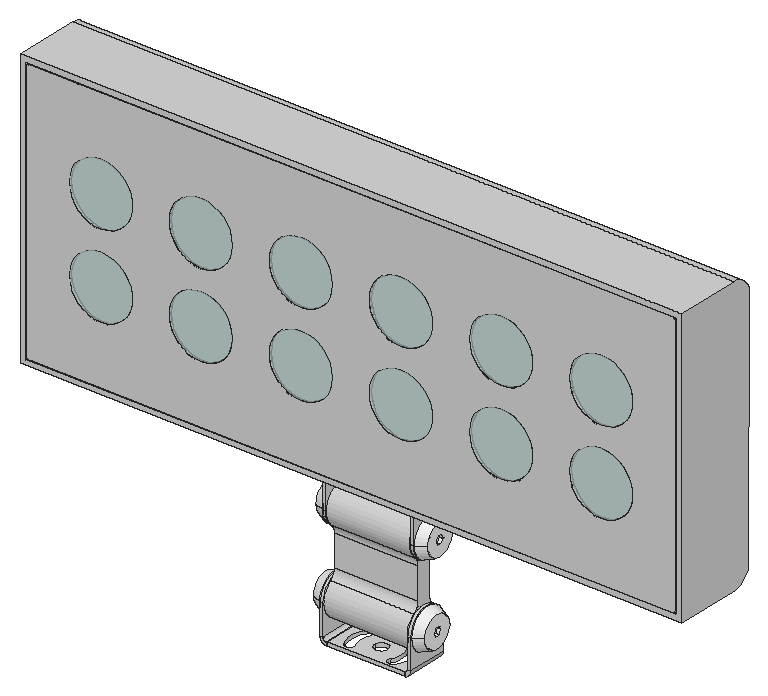
Revit family "Duomo 4.0", category Lighting Fixtures, Revit 2020
Family settings
  Round Connector Dimension = Use Diameter
  Part Type = Normal
  OmniClass Number = 23.80.70.00
  OmniClass Title = Lighting
  Work Plane-Based = No
  Always vertical = No
  Cut with Voids When Loaded = No
  Light Source = No
  Shared = No
  Room Calculation Point = Yes
Parameters (values of type "DUOMO 4.0 J 43° (3000K 56W 230Vac)")
  Wiring = "parallel"
  Width mm = 50 mm
  Weight kg = "4.50 kg"
  Vertical rotation max = 220.00°
  Vertical Rotation Structure max [instance] = 280.00°
  Vertical Rotation Structure Adjusted [instance] = if(Vertical Rotation Structure 2 < Vertical Rotation Structure min, Vertical Rotation Structure min, if(Vertical Rotation Structure 2 > Vertical Rotation Structure max, Vertical Rotation Structure max, Vertical Rotation Structure 2))  # 180.00°
  Vertical Rotation Structure 2 [instance] = Vertical Rotation Structure + 180.00°  # 180.00°
  Vertical Rotation Structure min [instance] = 60.00°
  Vertical Rotation Body min [instance] = 60.00°
  Vertical Rotation Body max [instance] = 280.00°
  Vertical Rotation Body Adjusted [instance] = if(Vertical Rotation Body 2 < Vertical Rotation Body min, Vertical Rotation Body min, if(Vertical Rotation Body 2 > Vertical Rotation Body max, Vertical Rotation Body max, Vertical Rotation Body 2))  # 180.00°
  Vertical Rotation Body 2 [instance] = Vertical Rotation Body + 180.00°  # 180.00°
  Vertical Rotation Body [instance] = 0.00°
  URL Accessories and power supply units = "https://www.lucelight.it/en/prodotto.php/130867#a-scheda-accessori"
  URL = "https://www.lucelight.it/en/prodotto.php/130867"
  URL Technical sheet = "-"
  URL Image = "https://www.lucelight.it/en/prodotto-foto.php/130867"
  URL IES Photometric file = "https://www.lucelight.it/media/prodotti/fotometrie/duomo_4.0_ies.zip"
  URL General code = "https://www.lucelight.it/en/prodotto.php/130867#a-generacodice"
  URL Description = "https://www.lucelight.it/it/prodotto.php/130867"
  URL DXF = "https://www.lucelight.it/media/prodotti/dxf/duomo_4.0.dxf"
  URL Catalogue = "-"
  Screw = L&L_Steel inox AISI 316L
  Power supply unit = "built-in"
  Power supply = "230Vac\r\n230Vac"
  Power cables = "-"
  Light Source = Light Source_40 : J 43°
  Connector = L&L_Plastic
  Power = "56W"
  Optics = "43°"
  No. and type of led = "12 power LEDs High Intensity, 3-step MacAdam, 50 000h L90 B10 (Ta 25°C)"
  Model = "Duomo 4.0"
  Manufacturer = "L&L Luce&Light"
  Notes = "available on request with adapter for Eurostandard track and in 1–10V or PUSH version, or with Bluetooth control"
  Mounting = "surface mounted (ceiling, wall, floor)"
  Material = "body and arm in Anticorodal aluminium,  screen in serigraphed, tempered, extra-clear glass"
  Lumen output at source = "4886 lm (3000K, CRI 90), 5280 lm (3000K, CRI 80)"
  Description = "Projector for indoor applications"
  Default Elevation = 0 mm
  Body = L&L_Anticorodal aluminium
  Base = L&L_Anticorodal aluminium
  Lens = L&L_Tempered extra-clear glass
  Length mm = 396 mm
  LED Colour = "3000K (also available: 2700K and 4000K - ref. URL Technical sheet)"
  IP = "IP54"
  Height mm = 166 mm
  Vertical Rotation Structure [instance] = 0.00°
  Features = "electrical wiring simplified by the ability to connect the electrical cables directly to the connector"
  Energy efficiency class = "A A+ A++"
  Delivered lumen output = "3964 lm (3000K, 30°, CRI 90), 4284 lm (3000K, 30°, CRI 80)"
  Cutout dimensions = "-"
  Control system = "DALI, ON/OFF"
  Contact = "T: +39 0444 360571; E: lucelight@lucelight.it"
  Company = "L&L Luce&Light"
  Code = "-"
  CRI = ">90 (also available: CRI 80 - ref. URL Technical sheet)"
  Apparent Load Phase 1 = 56 W
Types (8, lengths in mm): name | Light Source | Optics
  DUOMO 4.0 J 43° (3000K 56W 230Vac) | Light Source_40 : J 43° | "43°"
  DUOMO 4.0 K 63° (3000K 56W 230Vac) | Light Source_40 : K 63° | "63°"
  DUOMO 4.0 L 35° (3000K 56W 230Vac) | Light Source_40 : L 35° | "35°"
  DUOMO 4.0 M 30° (3000K 56W 230Vac) | Light Source_40 : M 30° | "30°"
  DUOMO 4.0 S 14° (3000K 56W 230Vac) | Light Source_40 : S 14° | "14°"
  DUOMO 4.0 T 10° (3000K 56W 230Vac) | Light Source_40 : T 10° | "10°"
  DUOMO 4.0 W 18°x44° (3000K 56W 230Vac) | Light Source_40 : W 18°x44° | "18°x44°"
  DUOMO 4.0 X 44°x18° (3000K 56W 230Vac) | Light Source_40 : X 44°x18° | "44°x18°"
Reference planes
  plane 1 "Light Source Axis (F/B)": y = 0
  plane 2: z = 0
  plane 3 "Light Source Axis (L/R)": x = 0
  plane 4 "Light Source Elevation": z = 420
Lines and regions (mm)
  reference lines
    curve 1: line (0, 0, 22) -> (0, 0, -55)
    curve 2: line (0, 0, 22) -> (0, 0, 82)
Dimensions and locks
  level to plane 4 "Light Source Elevation" = 420 mm
  locked: curve 1 to level (angle 90.00°)
  "Vertical Rotation Structure Adjusted": angle curve 1 to curve 2
  aligned and locked: level to plane 2
  aligned and locked: curve 1 to plane 1 "Light Source Axis (F/B)"
Automatic sketch dimensions
  level to curve 2 = 22 mm
Nested families
  nested 1: "Bracket" at (0, 0, 0), Vertical Rotation <- "Vertical Rotation Structure Adjusted", Base Braket <- "Base", Screw <- "Screw", type "Bracket"
    with Vertical Rotation 180.00°, Screw L&L_Steel inox AISI 316L, Base Braket L&L_Anticorodal aluminium
  nested 2: "Duomo 40_Body" at (1.486, 0, 72), Vertical Rotation <- "Vertical Rotation Body Adjusted", Base Braket <- "Base", Body <- "Body", Connector <- "Connector", Lens <- "Lens", Screw <- "Screw", type "Duomo 40_Body"
    with Vertical Rotation 180.00°, Screw L&L_Steel inox AISI 316L, Lens L&L_Tempered extra-clear glass, Connector L&L_Plastic, Body L&L_Anticorodal aluminium, Base Braket L&L_Anticorodal aluminium
  nested 3: "Light Source_40" at (-0.696, -21.5, 176.308) x (-1, 0, 0) z (0, -1, 0), type <- "Light Source", type "J 43°"
Connectors
  electrical at (0, 0, 0)
    settings: index 1, voltage 0 V, apparent load 0 VA, apparent load phase1 0 VA, apparent load phase2 0 VA, apparent load phase3 0 VA, power factor 1, load classification "Other", number of poles 1, system type 31, power factor state 1, is connector primary yes, connector utility no, sub classification motor no, connector description ""
Definition of nested family "Bracket"
  Parameters (values of type "Bracket")
    Width = 24 mm
    Vertical Rotation [instance] = 180.00°
    Screw [instance] = none
    Length = 66.8 mm
    Default Elevation = 0 mm
    Base Braket [instance] = none
  Reference planes
    plane 1 "Light Source Axis (F/B)": y = 0
    plane 2: z = 0
    plane 3 "Light Source Axis (L/R)": x = 0
    plane 4 "Light Source Elevation": z = 475
    plane 5: x = -33.4
    plane 6: x = 33.4
    plane 7: y = 12
    plane 8: y = -12
  Forms (mm)
    Extrusion 1, solid, material <- "Base Braket"
      sketch origin (0, 0, 0) x (1, 0, 0) y (0, 0, 1)
        loop
          arc (-27.4, 4) -> (-26.228, 1.172) -> (-23.4, 0) r 4
          line (-23.4, 0) -> (-23.4, 2)
          arc (-23.4, 2) -> (-24.814, 2.586) -> (-25.4, 4) r 2
          line (-25.4, 4) -> (-27.4, 4)
        loop
          arc (23.4, 0) -> (26.228, 1.172) -> (27.4, 4) r 4
          line (27.4, 4) -> (25.4, 4)
          arc (25.4, 4) -> (24.814, 2.586) -> (23.4, 2) r 2
          line (23.4, 2) -> (23.4, 0)
      from -12 to 12
    Extrusion 2, solid, material <- "Base Braket", detail levels coarse+medium
      sketch origin (0, 0, 0) x (1, 0, 0) y (0, 1, 0)
        loop
          line (-23.4, 12) -> (-23.4, -12) -> (23.4, -12) -> (23.4, 12) -> (-23.4, 12)
      from 0 to 2
    Extrusion 3, solid, material <- "Base Braket", detail levels fine
      sketch origin (0, 0, 0) x (1, 0, 0) y (0, 1, 0)
        loop
          line (-23.4, 12) -> (-23.4, -12) -> (23.4, -12) -> (23.4, 12) -> (-23.4, 12)
        loop
          circle (0, 0) r 4
        loop
          arc (-10.442, 5.913) -> (-11.574, 10.002) -> (-15.663, 8.87) r 3
          arc (-15.663, 8.87) -> (-18, 0) -> (-15.663, -8.87) r 18
          arc (-15.663, -8.87) -> (-11.574, -10.002) -> (-10.442, -5.913) r 3
          arc (-10.442, -5.913) -> (-12, 0) -> (-10.442, 5.913) r 12
        loop
          arc (10.442, 5.913) -> (12, 0) -> (10.442, -5.913) r 12
          arc (10.442, -5.913) -> (11.574, -10.002) -> (15.663, -8.87) r 3
          arc (15.663, -8.87) -> (18, 0) -> (15.663, 8.87) r 18
          arc (15.663, 8.87) -> (11.574, 10.002) -> (10.442, 5.913) r 3
      from 0 to 2
    Extrusion 4, solid, material <- "Base Braket"
      sketch origin (0, 0, 0) x (0, 1, 0) y (0, 0, 1)
        loop
          line (12, 4) -> (12, 22)
          arc (12, 22) -> (0, 34) -> (-12, 22) r 12
          line (-12, 22) -> (-12, 4) -> (12, 4)
      from -27.4 to -25.4
    Extrusion 5, solid, material <- "Base Braket"
      sketch origin (31.914, 0, 0) x (0, 1, 0) y (0, 0, 1)
        loop
          line (12, 4) -> (12, 22)
          arc (12, 22) -> (0, 34) -> (-12, 22) r 12
          line (-12, 22) -> (-12, 4) -> (12, 4)
      from -6.514 to -4.514
    Blend 6, solid, material <- "Screw", detail levels fine
      base sketch origin (0, 0, 0) x (0, 1, 0) y (0, 0, 1)
        loop
          circle (0, 22) r 12
      top sketch origin (0, 0, 0) x (0, 1, 0) y (0, 0, 1)
        loop
          circle (0, 22) r 9.138
      from 27.4 to 33.4
    Blend 7, solid, material <- "Screw", detail levels fine
      base sketch origin (0, 0, 0) x (0, 1, 0) y (0, 0, -1)
        loop
          circle (0, -22) r 12
      top sketch origin (0, 0, 0) x (0, 1, 0) y (0, 0, -1)
        loop
          circle (0, -22) r 9.138
      from 27.4 to 33.4
    Extrusion 8, solid, material <- "Screw", detail levels medium
      sketch origin (0, 0, 0) x (0, 1, 0) y (0, 0, 1)
        loop
          circle (0, 22) r 12
      from -33.4 to -27.4
    Extrusion 9, solid, material <- "Screw", detail levels medium
      sketch origin (0, 0, 0) x (0, 1, 0) y (0, 0, -1)
        loop
          circle (0, -22) r 12
      from -33.4 to -27.4
    Extrusion 10, void
      sketch origin (0, 0, 0) x (0, 1, 0) y (0, 0, 1)
        loop
          line (-1.844, 24.221) -> (-2.845, 21.513) -> (-1.001, 19.292) -> (1.844, 19.779) -> (2.845, 22.487) -> (1.001, 24.708) -> (-1.844, 24.221)
      from -46.814 to -30.9
    Extrusion 11, void
      sketch origin (0, 0, 0) x (0, 1, 0) y (0, 0, -1)
        loop
          line (-1.844, -24.221) -> (1.001, -24.708) -> (2.845, -22.487) -> (1.844, -19.779) -> (-1.001, -19.292) -> (-2.845, -21.513) -> (-1.844, -24.221)
      from -46.814 to -30.9
    Extrusion 12, solid, material <- "Base Braket"
      sketch origin (0, 0, 22) x (0, 0, 1) y (0, -1, 0)
        loop
          arc (9.784, 6.947) -> (-12, 0) -> (9.784, -6.947) r 12
          arc (9.784, -6.947) -> (12.28, -4.78) -> (15.492, -4) r 7
          line (15.492, -4) -> (34.508, -4)
          arc (34.508, -4) -> (37.72, -4.78) -> (40.216, -6.947) r 7
          arc (40.216, -6.947) -> (38, 0) -> (40.216, 6.947) r 12
          arc (40.216, 6.947) -> (37.72, 4.78) -> (34.508, 4) r 7
          line (34.508, 4) -> (15.492, 4)
          arc (15.492, 4) -> (12.28, 4.78) -> (9.784, 6.947) r 7
      from -24.9 to 25.1
  Cuts and joins
    Extrusion 10 cuts Blend 7
    Extrusion 11 cuts Blend 6
  Lines and regions (mm)
    reference lines
      curve 1: line (0, 0, 0) -> (0, 0, 22)
      curve 2: line (0, 0, 22) -> (0, 0, 84.907)
  Dimensions and locks
    equal spacing: plane 5, plane 3 "Light Source Axis (L/R)", plane 6
    "Length": plane 5 to plane 6
    level to plane 4 "Light Source Elevation" = 475 mm
    equal spacing: plane 7, plane 1 "Light Source Axis (F/B)", plane 8
    "Width": plane 7 to plane 8
    locked: curve 1 to level (angle 90.00°)
    "Vertical Rotation": angle curve 1 to curve 2
    aligned and locked: level to plane 2
    aligned and locked: plane 7 to Extrusion 1
    aligned and locked: Extrusion 1 to plane 8
    aligned and locked: Extrusion 2 sketch curve to Extrusion 1  (x4)
  Automatic sketch dimensions
    Extrusion 1 sketch curve to level = 0 mm  (x2)
    Extrusion 1 sketch curve to Extrusion 1 sketch curve = 2 mm  (x4)
    Extrusion 3 sketch curve to Extrusion 3 sketch curve = 0 mm  (x13)
    Extrusion 3 sketch curve to plane 8 = 0 mm
    Extrusion 3 sketch curve to plane 7 = 0 mm
    plane 1 "Light Source Axis (F/B)" to Extrusion 3 sketch curve = 0 mm
    Extrusion 3 sketch curve to plane 3 "Light Source Axis (L/R)" = 0 mm
    plane 8 to Extrusion 3 sketch curve = 4.609 mm  (x2)
    Extrusion 3 sketch curve to plane 3 "Light Source Axis (L/R)" = 13.052 mm  (x2)
    Extrusion 3 sketch curve to plane 7 = 4.609 mm  (x2)
    plane 3 "Light Source Axis (L/R)" to Extrusion 3 sketch curve = 13.052 mm  (x2)
    Extrusion 3 sketch curve to Extrusion 3 sketch curve = 2.61 mm  (x7)
    Extrusion 4 sketch curve to plane 8 = 0 mm
    Extrusion 4 sketch curve to plane 1 "Light Source Axis (F/B)" = 0 mm
    level to Extrusion 4 sketch curve = 4 mm
    Extrusion 4 sketch curve to Extrusion 4 sketch curve = 18 mm
    Extrusion 4 sketch curve to Extrusion 4 sketch curve = 0 mm
    Extrusion 5 sketch curve to plane 8 = 0 mm
    Extrusion 5 sketch curve to plane 1 "Light Source Axis (F/B)" = 0 mm
    level to Extrusion 5 sketch curve = 4 mm
    Extrusion 5 sketch curve to Extrusion 5 sketch curve = 18 mm
    Extrusion 5 sketch curve to Extrusion 5 sketch curve = 0 mm
    Blend 6 sketch curve to plane 1 "Light Source Axis (F/B)" = 0 mm  (x2)
    level to Blend 6 sketch curve = 22 mm  (x2)
    Blend 7 sketch curve to plane 1 "Light Source Axis (F/B)" = 0 mm  (x2)
    level to Blend 7 sketch curve = 22 mm  (x2)
    Extrusion 8 sketch curve to plane 1 "Light Source Axis (F/B)" = 0 mm
    level to Extrusion 8 sketch curve = 22 mm
    Extrusion 9 sketch curve to plane 1 "Light Source Axis (F/B)" = 0 mm
    level to Extrusion 9 sketch curve = 22 mm
    plane 1 "Light Source Axis (F/B)" to Extrusion 10 sketch curve = 2.845 mm
    plane 1 "Light Source Axis (F/B)" to Extrusion 10 sketch curve = 1.844 mm
    plane 1 "Light Source Axis (F/B)" to Extrusion 10 sketch curve = 1.001 mm
    Extrusion 10 sketch curve to plane 1 "Light Source Axis (F/B)" = 1.001 mm
    Extrusion 10 sketch curve to plane 1 "Light Source Axis (F/B)" = 1.844 mm
    Extrusion 10 sketch curve to plane 1 "Light Source Axis (F/B)" = 2.845 mm
    level to Extrusion 10 sketch curve = 19.292 mm
    Extrusion 10 sketch curve to Extrusion 10 sketch curve = 0.487 mm
    Extrusion 10 sketch curve to Extrusion 10 sketch curve = 2.221 mm  (x2)
    Extrusion 10 sketch curve to Extrusion 10 sketch curve = 2.708 mm  (x2)
    plane 1 "Light Source Axis (F/B)" to Extrusion 11 sketch curve = 2.845 mm
    plane 1 "Light Source Axis (F/B)" to Extrusion 11 sketch curve = 1.844 mm
    plane 1 "Light Source Axis (F/B)" to Extrusion 11 sketch curve = 1.001 mm
    Extrusion 11 sketch curve to plane 1 "Light Source Axis (F/B)" = 1.001 mm
    Extrusion 11 sketch curve to plane 1 "Light Source Axis (F/B)" = 1.844 mm
    Extrusion 11 sketch curve to plane 1 "Light Source Axis (F/B)" = 2.845 mm
    level to Extrusion 11 sketch curve = 24.708 mm
    Extrusion 11 sketch curve to Extrusion 11 sketch curve = 0.487 mm
    Extrusion 11 sketch curve to Extrusion 11 sketch curve = 2.221 mm  (x2)
    Extrusion 11 sketch curve to Extrusion 11 sketch curve = 2.708 mm  (x2)
    Extrusion 1 sketch curve to plane 6 = 10 mm
    Extrusion 3 sketch curve to Extrusion 3 sketch curve = 7.737 mm  (x2)
    Extrusion 1 sketch curve to Extrusion 1 sketch curve = 0 mm
    plane 5 to Extrusion 1 sketch curve = 10 mm
    Extrusion 12 sketch curve to curve 2 = 0 mm  (x3)
    Extrusion 12 sketch curve to curve 2 = 11 mm
    Extrusion 12 sketch curve to curve 2 = 28.399 mm
    Extrusion 12 sketch curve to curve 2 = 4 mm
    Extrusion 12 sketch curve to Extrusion 12 sketch curve = 5.708 mm  (x4)
    Extrusion 12 sketch curve to Extrusion 12 sketch curve = 0 mm  (x6)
    curve 2 to Extrusion 12 sketch curve = 4 mm
    Extrusion 12 sketch curve to Extrusion 12 sketch curve = 7 mm
    Extrusion 12 sketch curve to Extrusion 12 sketch curve = 9.784 mm
    Extrusion 12 sketch curve to curve 2 = 6.947 mm
    curve 1 to plane 1 "Light Source Axis (F/B)" = 0 mm
    curve 1 to level = 0 mm
    radius of Extrusion 3 sketch curve = 4 mm
    radius of Blend 6 sketch curve = 12 mm
    radius of Blend 6 sketch curve = 9.138 mm
    radius of Blend 7 sketch curve = 12 mm
    radius of Blend 7 sketch curve = 9.138 mm
    radius of Extrusion 8 sketch curve = 12 mm
    radius of Extrusion 9 sketch curve = 12 mm
Definition of nested family "Duomo 40_Body"
  Parameters (values of type "Duomo 40_Body")
    Width = 24 mm
    Vertical Rotation [instance] = 180.00°
    Screw [instance] = none
    Lens [instance] = none
    Length = 66.8 mm
    Default Elevation = 1219.2 mm
    Connector [instance] = none
    Body [instance] = none
    Base Braket [instance] = none
  Reference planes
    plane 1 "Light Source Axis (F/B)": y = 0
    plane 2: z = 0
    plane 3 "Light Source Axis (L/R)": x = 0
    plane 4 "Light Source Elevation": z = 475
    plane 5: x = -33.4
    plane 6: x = 33.4
    plane 7: y = 12
    plane 8: y = -12
  Lines and regions (mm)
    reference lines
      curve 1: line (0, 0, -78.016) -> (0, 0, 0)
      curve 2: line (0, 0, 0) -> (0, 0, 73.234)
  Dimensions and locks
    equal spacing: plane 5, plane 3 "Light Source Axis (L/R)", plane 6
    "Length": plane 5 to plane 6
    level to plane 4 "Light Source Elevation" = 475 mm
    equal spacing: plane 7, plane 1 "Light Source Axis (F/B)", plane 8
    "Width": plane 7 to plane 8
    locked: curve 1 to level (angle 90.00°)
    "Vertical Rotation": angle curve 1 to curve 2
    aligned and locked: level to plane 2
    aligned and locked: level to curve 1
    aligned and locked: curve 1 to curve 2
  Automatic sketch dimensions
    curve 1 to plane 1 "Light Source Axis (F/B)" = 0 mm
    curve 2 to level = 0 mm
  Nested families
    nested 1: "Body" at (0.6, 0, 0), Body <- "Body", Connector <- "Connector", Lens <- "Lens", Screw <- "Screw", type "Body"
      with Screw none, Lens none, Connector none, Body none
    nested 2: "Hinge" at (0, 0, 0) x (-1, 0, 0) z (0, 0, 1), Base Braket <- "Base Braket", Screw <- "Screw", type "Hinge"
      with Vertical Rotation 180.00°, Base Braket none
  Definition of nested family "Body"
    Parameters (values of type "Body")
      Width = 24 mm
      Screw [instance] = none
      Length = 66.8 mm
      Lens [instance] = none
      Default Elevation = 1219.2 mm
      Connector [instance] = none
      Body [instance] = none
    Reference planes
      plane 1 "Light Source Axis (F/B)": y = 0
      plane 2: z = 0
      plane 3 "Light Source Axis (L/R)": x = 0
      plane 4 "Light Source Elevation": z = 475
      plane 5: x = -33.4
      plane 6: x = 33.4
      plane 7: y = 12
      plane 8: y = -12
    Forms (mm)
      Extrusion 1, solid, material <- "Body", detail levels coarse
        sketch origin (0, 0, 0) x (0, 0, 1) y (0, -1, 0)
          loop
            line (188.2, -18.033) -> (188.2, 21.5) -> (22, 21.5) -> (22, -18.033)
            arc (22, -18.033) -> (24.224, -24.53) -> (29.963, -28.3) r 10.6
            line (29.963, -28.3) -> (180.237, -28.3)
            arc (180.237, -28.3) -> (185.976, -24.53) -> (188.2, -18.033) r 10.6
        from -201.734 to 195.466
      Extrusion 2, solid, material <- "Lens", detail levels medium+fine
        sketch origin (-153.063, 0, 0) x (0, 0, 1) y (1, 0, 0)
          loop
            circle (130.075, 0) r 19.016
          loop
            circle (79.956, 0) r 19.016
        from -21.5 to -20.5
      Extrusion 3, solid, material <- "Body", detail levels medium+fine
        sketch origin (0, 0, 0) x (0, 0, 1) y (0, -1, 0)
          loop
            line (188.2, -18.033) -> (188.2, 21.5) -> (22, 21.5) -> (22, -18.033)
            arc (22, -18.033) -> (24.224, -24.53) -> (29.963, -28.3) r 10.6
            line (29.963, -28.3) -> (180.237, -28.3)
            arc (180.237, -28.3) -> (185.976, -24.53) -> (188.2, -18.033) r 10.6
        from -201.734 to 195.466
      Extrusion 4, void
        sketch origin (0, 0, 0) x (0, 0, 1) y (1, 0, 0)
          loop
            line (185.1, -198.634) -> (185.1, 192.366) -> (25.1, 192.366) -> (25.1, -198.634) -> (185.1, -198.634)
        from -160.769 to 12
      Extrusion 5, solid, material <- "Body", detail levels medium+fine
        sketch origin (0, 0, 0) x (0, 0, 1) y (1, 0, 0)
          loop
            line (184.6, -196.134) -> (184.6, 189.866)
            arc (184.6, 189.866) -> (184.014, 191.28) -> (182.6, 191.866) r 2
            line (182.6, 191.866) -> (27.6, 191.866)
            arc (27.6, 191.866) -> (26.186, 191.28) -> (25.6, 189.866) r 2
            line (25.6, 189.866) -> (25.6, -196.134)
            arc (25.6, -196.134) -> (26.186, -197.549) -> (27.6, -198.134) r 2
            line (27.6, -198.134) -> (182.6, -198.134)
            arc (182.6, -198.134) -> (184.014, -197.549) -> (184.6, -196.134) r 2
          loop
            circle (130.075, -153.063) r 19.016
          loop
            circle (79.956, -153.063) r 19.016
          loop
            circle (130.075, -93.165) r 19.016
          loop
            circle (79.956, -93.165) r 19.016
          loop
            circle (79.956, -33.088) r 19.016
          loop
            circle (130.075, -33.088) r 19.016
          loop
            circle (130.075, 26.99) r 19.016
          loop
            circle (79.956, 26.99) r 19.016
          loop
            circle (79.956, 87.067) r 19.016
          loop
            circle (130.075, 87.067) r 19.016
          loop
            circle (130.075, 147.144) r 19.016
          loop
            circle (79.956, 147.144) r 19.016
        from -21.5 to -20.5
      Extrusion 6, solid, material <- "Screw", detail levels medium+fine
        sketch origin (0, 0, 0) x (1, 0, 0) y (0, 1, 0)
          loop
            circle (-13.6, 0) r 6
        from 19 to 20
      Extrusion 7, solid, material <- "Screw", detail levels fine
        sketch origin (-0.123, 2.332, 0) x (0.985191, 0.171462, 0) y (-0.171462, 0.985191, 0)
          loop
            line (-8.726, 2.73) -> (-13.722, 5.614) -> (-18.719, 2.73) -> (-18.719, -3.039) -> (-13.722, -5.924) -> (-8.726, -3.039) -> (-8.726, 2.73)
        from 15 to 19
      Extrusion 8, solid, material <- "Screw", detail levels medium+fine
        sketch origin (25, 0, 0) x (1, 0, 0) y (0, 1, 0)
          loop
            circle (-13.6, 0) r 6
        from 19 to 20
      Extrusion 9, solid, material <- "Screw", detail levels fine
        sketch origin (24.877, 2.332, 0) x (0.985191, 0.171462, 0) y (-0.171462, 0.985191, 0)
          loop
            line (-8.726, 2.73) -> (-13.722, 5.614) -> (-18.719, 2.73) -> (-18.719, -3.039) -> (-13.722, -5.924) -> (-8.726, -3.039) -> (-8.726, 2.73)
        from 15 to 19
      Extrusion 10, solid, material <- "Lens", detail levels medium+fine
        sketch origin (-93.165, 0, 0) x (0, 0, 1) y (1, 0, 0)
          loop
            circle (130.075, 0) r 19.016
          loop
            circle (79.956, 0) r 19.016
        from -21.5 to -20.5
      Extrusion 11, solid, material <- "Lens", detail levels medium+fine
        sketch origin (-33.088, 0, 0) x (0, 0, 1) y (1, 0, 0)
          loop
            circle (130.075, 0) r 19.016
          loop
            circle (79.956, 0) r 19.016
        from -21.5 to -20.5
      Extrusion 12, solid, material <- "Lens", detail levels medium+fine
        sketch origin (26.99, 0, 0) x (0, 0, 1) y (1, 0, 0)
          loop
            circle (130.075, 0) r 19.016
          loop
            circle (79.956, 0) r 19.016
        from -21.5 to -20.5
      Extrusion 13, solid, material <- "Lens", detail levels medium+fine
        sketch origin (87.067, 0, 0) x (0, 0, 1) y (1, 0, 0)
          loop
            circle (130.075, 0) r 19.016
          loop
            circle (79.956, 0) r 19.016
        from -21.5 to -20.5
      Extrusion 14, solid, material <- "Lens", detail levels medium+fine
        sketch origin (147.144, 0, 0) x (0, 0, 1) y (1, 0, 0)
          loop
            circle (130.075, 0) r 19.016
          loop
            circle (79.956, 0) r 19.016
        from -21.5 to -20.5
      Revolve 15, solid, material <- "Connector", detail levels fine
        sketch origin (-50.56, 28.3, 44.906) x (1, 0, 0) y (0, 1, 0)
          loop
            line (-11.264, 24.675) -> (-11.43, 5.675) -> (-12.419, 5.675) -> (-12.419, 4.675) -> (-11.419, 4.675) -> (-11.419, 3.875) -> (-12.219, 3.875) -> (-12.219, 0) -> (0, 0) -> (0, 28.575) -> (-3.669, 28.575) -> (-4.235, 28.009) -> (-4.07, 25.675) -> (-4.919, 25.675) -> (-4.919, 24.894) -> (-7.653, 24.894) -> (-8.424, 24.675) -> (-11.264, 24.675)
          axis (0, 0) -> (0, 28.575)
        angle from 0 to 360
      Extrusion 16, solid, material <- "Connector", detail levels fine
        sketch origin (-50.56, 28.3, 44.906) x (1, 0, 0) y (0, 1, 0)
          loop
            line (0, 25.675) -> (0, 24.675) -> (11.498, 24.675)
            arc (11.498, 24.675) -> (15.336, 24.575) -> (19.164, 24.274) r 73.336
            arc (19.164, 24.274) -> (21.112, 23.77) -> (22.828, 22.718) r 6.808
            arc (22.828, 22.718) -> (24.467, 20.543) -> (24.987, 17.871) r 6.052
            arc (24.987, 17.871) -> (24.69, 15.045) -> (24.002, 12.289) r 20.362
            arc (24.002, 12.289) -> (23.006, 10.292) -> (21.47, 8.672) r 7.551
            arc (21.47, 8.672) -> (19.295, 7.206) -> (16.938, 6.056) r 18.8
            arc (16.938, 6.056) -> (16.327, 5.839) -> (15.699, 5.675) r 7.547
            line (15.699, 5.675) -> (9.749, 5.675) -> (9.749, 4.675) -> (15.802, 4.675)
            arc (15.802, 4.675) -> (16.568, 4.867) -> (17.313, 5.129) r 8.547
            arc (17.313, 5.129) -> (19.795, 6.34) -> (22.086, 7.884) r 19.8
            arc (22.086, 7.884) -> (23.826, 9.718) -> (24.953, 11.98) r 8.551
            arc (24.953, 11.98) -> (25.674, 14.872) -> (25.986, 17.836) r 21.362
            arc (25.986, 17.836) -> (25.381, 20.95) -> (23.471, 23.484) r 7.052
            arc (23.471, 23.484) -> (21.503, 24.69) -> (19.268, 25.268) r 7.808
            arc (19.268, 25.268) -> (15.389, 25.573) -> (11.498, 25.675) r 74.336
            line (11.498, 25.675) -> (0, 25.675)
        from -3.602 to 3.609
      Revolve 17, solid, material <- "Connector", detail levels fine
        sketch origin (44.533, 0, 0) x (0, 0, 1) y (0, -1, 0)
          loop
            line (56.5, -28.3) -> (45, -28.3) -> (45, -54.004) -> (56.5, -54.004) -> (56.5, -37.154) -> (52.491, -37.154) -> (52.491, -36.354) -> (56.5, -36.354) -> (56.5, -28.3)
          axis (45, -28.3) -> (45, -54.004)
        angle from 0 to 360
      Extrusion 18, solid, material <- "Connector", detail levels fine
        sketch origin (88.733, 0, 0) x (1, 0, 0) y (0, 0, 1)
          loop
            line (-53.62, 51.596) -> (-55.698, 44.799) -> (-53.384, 38.079) -> (-47.562, 34.002) -> (-40.456, 34.127) -> (-34.78, 38.404) -> (-32.702, 45.201) -> (-35.016, 51.921) -> (-40.838, 55.998) -> (-47.944, 55.873) -> (-53.62, 51.596)
        from -65.004 to -54.004
      Revolve 19, solid, material <- "Connector", detail levels fine
        sketch origin (44.533, 0, 0) x (0, 0, 1) y (0, -1, 0)
          loop
            arc (53.496, -65.5) -> (53.644, -65.149) -> (53.996, -65.004) r 0.5
            line (53.996, -65.004) -> (44.799, -65.004) -> (44.799, -68.021) -> (53.496, -68.021) -> (54.151, -67.558) -> (54.151, -66.758) -> (53.496, -66.3) -> (53.496, -65.5)
          axis (44.799, -65.004) -> (44.799, -68.021)
        angle from 0 to 360
      Extrusion 20, solid, material <- "Connector", detail levels fine
        sketch origin (88.733, 19.006, 0) x (1, 0, 0) y (0, 0, 1)
          loop
            line (-47.944, 55.873) -> (-51.82, 53.613) -> (-54.536, 50.041) -> (-55.679, 45.702) -> (-55.073, 41.256) -> (-52.813, 37.38) -> (-49.241, 34.664) -> (-44.902, 33.521) -> (-40.456, 34.127) -> (-36.58, 36.387) -> (-33.864, 39.959) -> (-32.721, 44.298) -> (-33.327, 48.744) -> (-35.587, 52.62) -> (-39.159, 55.336) -> (-43.498, 56.479) -> (-47.944, 55.873)
        from -60.692 to -49.016
      Revolve 21, solid, material <- "Connector", detail levels fine
        sketch origin (44.533, 15.433, 0) x (0, 0, 1) y (0, -1, 0)
          loop
            arc (52.25, -68.022) -> (54.303, -67.171) -> (55.153, -65.118) r 2.903
            line (55.153, -65.118) -> (55.153, -64.265) -> (44.799, -64.265) -> (44.799, -68.022) -> (52.25, -68.022)
          axis (44.799, -64.265) -> (44.799, -68.022)
        angle from 0 to 360
    Cuts and joins
      Extrusion 4 cuts Extrusion 3
    Dimensions and locks
      equal spacing: plane 5, plane 3 "Light Source Axis (L/R)", plane 6
      "Length": plane 5 to plane 6
      level to plane 4 "Light Source Elevation" = 475 mm
      equal spacing: plane 7, plane 1 "Light Source Axis (F/B)", plane 8
      "Width": plane 7 to plane 8
      aligned and locked: level to plane 2
      aligned and locked: plane 7 to Extrusion 4
    Automatic sketch dimensions
      plane 7 to Extrusion 1 sketch curve = 6.033 mm  (x2)
      level to Extrusion 1 sketch curve = 22 mm
      Extrusion 1 sketch curve to Extrusion 1 sketch curve = 7.963 mm
      Extrusion 1 sketch curve to Extrusion 1 sketch curve = 2.637 mm  (x2)
      Extrusion 1 sketch curve to Extrusion 1 sketch curve = 145 mm
      Extrusion 1 sketch curve to plane 8 = 9.5 mm
      level to Extrusion 2 sketch curve = 79.956 mm
      Extrusion 2 sketch curve to Extrusion 2 sketch curve = 50.118 mm
      Extrusion 2 sketch curve to plane 5 = 119.663 mm
      Extrusion 2 sketch curve to Extrusion 2 sketch curve = 0 mm
      plane 7 to Extrusion 3 sketch curve = 6.033 mm  (x2)
      level to Extrusion 3 sketch curve = 22 mm
      Extrusion 3 sketch curve to Extrusion 3 sketch curve = 7.963 mm
      Extrusion 3 sketch curve to Extrusion 3 sketch curve = 2.637 mm  (x2)
      Extrusion 3 sketch curve to Extrusion 3 sketch curve = 145 mm
      Extrusion 3 sketch curve to plane 8 = 9.5 mm
      level to Extrusion 4 sketch curve = 25.1 mm
      Extrusion 4 sketch curve to Extrusion 4 sketch curve = 160 mm
      Extrusion 4 sketch curve to plane 5 = 165.234 mm
      plane 6 to Extrusion 4 sketch curve = 158.966 mm
      level to Extrusion 5 sketch curve = 25.6 mm
      Extrusion 5 sketch curve to Extrusion 5 sketch curve = 2 mm  (x3)
      Extrusion 5 sketch curve to Extrusion 5 sketch curve = 155 mm  (x2)
      Extrusion 5 sketch curve to plane 5 = 164.734 mm
      plane 6 to Extrusion 5 sketch curve = 156.466 mm
      plane 1 "Light Source Axis (F/B)" to Extrusion 6 sketch curve = 0 mm
      Extrusion 6 sketch curve to plane 3 "Light Source Axis (L/R)" = 13.6 mm
      plane 1 "Light Source Axis (F/B)" to Extrusion 7 sketch curve = 3.872 mm
      plane 5 to Extrusion 7 sketch curve = 15.356 mm
      Extrusion 7 sketch curve to Extrusion 7 sketch curve = 4.996 mm  (x3)
      Extrusion 7 sketch curve to Extrusion 7 sketch curve = 0 mm
      Extrusion 7 sketch curve to Extrusion 7 sketch curve = 2.885 mm  (x2)
      Extrusion 7 sketch curve to Extrusion 7 sketch curve = 5.769 mm  (x2)
      plane 1 "Light Source Axis (F/B)" to Extrusion 8 sketch curve = 0 mm
      plane 3 "Light Source Axis (L/R)" to Extrusion 8 sketch curve = 11.4 mm
      plane 1 "Light Source Axis (F/B)" to Extrusion 9 sketch curve = 3.872 mm
      plane 3 "Light Source Axis (L/R)" to Extrusion 9 sketch curve = 6.956 mm
      Extrusion 9 sketch curve to Extrusion 9 sketch curve = 4.996 mm  (x3)
      Extrusion 9 sketch curve to Extrusion 9 sketch curve = 0 mm
      Extrusion 9 sketch curve to Extrusion 9 sketch curve = 2.885 mm  (x2)
      Extrusion 9 sketch curve to Extrusion 9 sketch curve = 5.769 mm  (x2)
      level to Extrusion 10 sketch curve = 79.956 mm
      Extrusion 10 sketch curve to Extrusion 10 sketch curve = 50.118 mm
      Extrusion 10 sketch curve to plane 5 = 59.765 mm
      Extrusion 10 sketch curve to Extrusion 10 sketch curve = 0 mm
      plane 5 to Extrusion 11 sketch curve = 0.312 mm  (x2)
      level to Extrusion 11 sketch curve = 79.956 mm
      Extrusion 11 sketch curve to Extrusion 11 sketch curve = 50.118 mm
      Extrusion 12 sketch curve to plane 6 = 6.41 mm  (x2)
      level to Extrusion 12 sketch curve = 79.956 mm
      Extrusion 12 sketch curve to Extrusion 12 sketch curve = 50.118 mm
      level to Extrusion 13 sketch curve = 79.956 mm
      Extrusion 13 sketch curve to Extrusion 13 sketch curve = 50.118 mm
      plane 6 to Extrusion 13 sketch curve = 53.667 mm
      Extrusion 13 sketch curve to Extrusion 13 sketch curve = 0 mm
      level to Extrusion 14 sketch curve = 79.956 mm
      Extrusion 14 sketch curve to Extrusion 14 sketch curve = 50.118 mm
      plane 6 to Extrusion 14 sketch curve = 113.744 mm
      Extrusion 14 sketch curve to Extrusion 14 sketch curve = 0 mm
      Extrusion 5 sketch curve to Extrusion 5 sketch curve = 52.525 mm
      Extrusion 5 sketch curve to Extrusion 5 sketch curve = 43.071 mm
      Extrusion 5 sketch curve to Extrusion 5 sketch curve = 19.016 mm  (x10)
      Extrusion 5 sketch curve to Extrusion 5 sketch curve = 31.103 mm  (x6)
      Extrusion 5 sketch curve to Extrusion 5 sketch curve = 0 mm  (x11)
      Extrusion 5 sketch curve to plane 5 = 59.765 mm
      plane 5 to Extrusion 5 sketch curve = 0.312 mm  (x2)
      Extrusion 5 sketch curve to Extrusion 5 sketch curve = 12.087 mm  (x2)
      Extrusion 5 sketch curve to plane 6 = 6.41 mm  (x2)
      plane 6 to Extrusion 5 sketch curve = 53.667 mm
      Extrusion 5 sketch curve to Extrusion 5 sketch curve = 60.077 mm
      Revolve 15 sketch curve to plane 5 = 29.58 mm
      Revolve 15 sketch curve to Revolve 15 sketch curve = 0.2 mm
      Revolve 15 sketch curve to Revolve 15 sketch curve = 0.989 mm
      Revolve 15 sketch curve to Revolve 15 sketch curve = 0.011 mm
      Revolve 15 sketch curve to Revolve 15 sketch curve = 0.166 mm
      Revolve 15 sketch curve to Revolve 15 sketch curve = 2.841 mm
      Revolve 15 sketch curve to Revolve 15 sketch curve = 0.77 mm
      Revolve 15 sketch curve to Revolve 15 sketch curve = 2.734 mm
      Revolve 15 sketch curve to Revolve 15 sketch curve = 0.685 mm
      Revolve 15 sketch curve to Revolve 15 sketch curve = 0.85 mm
      Revolve 15 sketch curve to Revolve 15 sketch curve = 0.566 mm  (x2)
      Revolve 15 sketch curve to Revolve 15 sketch curve = 3.669 mm
      plane 7 to Revolve 15 sketch curve = 16.3 mm
      Revolve 15 sketch curve to Revolve 15 sketch curve = 3.875 mm
      Revolve 15 sketch curve to Revolve 15 sketch curve = 0.8 mm
      Revolve 15 sketch curve to Revolve 15 sketch curve = 1 mm
      Revolve 15 sketch curve to Revolve 15 sketch curve = 19 mm
      Revolve 15 sketch curve to Revolve 15 sketch curve = 0.219 mm
      Revolve 15 sketch curve to Revolve 15 sketch curve = 0.781 mm
      Revolve 15 sketch curve to Revolve 15 sketch curve = 2.334 mm
      Revolve 15 sketch curve to Revolve 15 sketch curve = 0 mm  (x2)
      Revolve 15 sketch curve to Revolve 15 sketch curve = 5 mm
      Extrusion 16 sketch curve to Extrusion 16 sketch curve = 0 mm  (x24)
      Extrusion 16 sketch curve to plane 5 = 17.16 mm
      Extrusion 16 sketch curve to Extrusion 16 sketch curve = 4.637 mm
      Extrusion 16 sketch curve to plane 5 = 7.411 mm
      Extrusion 16 sketch curve to Extrusion 16 sketch curve = 5.258 mm
      Extrusion 16 sketch curve to plane 5 = 5.662 mm
      Extrusion 16 sketch curve to plane 5 = 3.049 mm
      Extrusion 16 sketch curve to plane 5 = 1.461 mm
      Extrusion 16 sketch curve to Extrusion 16 sketch curve = 0.103 mm
      Extrusion 16 sketch curve to plane 5 = 0.339 mm
      plane 5 to Extrusion 16 sketch curve = 1.292 mm
      Extrusion 16 sketch curve to Extrusion 16 sketch curve = 0.486 mm
      Extrusion 16 sketch curve to plane 8 = 8.36 mm
      plane 7 to Extrusion 16 sketch curve = 20.975 mm
      Extrusion 16 sketch curve to Extrusion 16 sketch curve = 1 mm  (x2)
      Extrusion 16 sketch curve to Extrusion 16 sketch curve = 7.378 mm
      Extrusion 16 sketch curve to Extrusion 16 sketch curve = 1.569 mm
      Extrusion 16 sketch curve to Extrusion 16 sketch curve = 2.88 mm
      Extrusion 16 sketch curve to Extrusion 16 sketch curve = 0.579 mm
      Extrusion 16 sketch curve to Extrusion 16 sketch curve = 5.528 mm
      Extrusion 16 sketch curve to Extrusion 16 sketch curve = 4.906 mm
      Extrusion 16 sketch curve to Extrusion 16 sketch curve = 1.188 mm
      plane 7 to Revolve 17 sketch curve = 16.3 mm
      level to Revolve 17 sketch curve = 45 mm
      Revolve 17 sketch curve to Revolve 17 sketch curve = 7.491 mm
      Revolve 17 sketch curve to Revolve 17 sketch curve = 11.5 mm
      Revolve 17 sketch curve to Revolve 17 sketch curve = 0 mm  (x2)
      Revolve 17 sketch curve to Revolve 17 sketch curve = 8.054 mm
      Revolve 17 sketch curve to Revolve 17 sketch curve = 0.8 mm
      Revolve 17 sketch curve to Revolve 17 sketch curve = 16.85 mm
      Revolve 17 sketch curve to Revolve 17 sketch curve = 1.893 mm
      Revolve 17 sketch curve to Revolve 17 sketch curve = 8.107 mm
      Extrusion 18 sketch curve to plane 6 = 0.366 mm
      plane 6 to Extrusion 18 sketch curve = 1.712 mm
      plane 6 to Extrusion 18 sketch curve = 1.948 mm
      Extrusion 18 sketch curve to Extrusion 18 sketch curve = 5.676 mm  (x2)
      Extrusion 18 sketch curve to Extrusion 18 sketch curve = 5.822 mm  (x2)
      Extrusion 18 sketch curve to Extrusion 18 sketch curve = 7.106 mm  (x2)
      Extrusion 18 sketch curve to Extrusion 18 sketch curve = 2.314 mm
      level to Extrusion 18 sketch curve = 34.002 mm
      Extrusion 18 sketch curve to Extrusion 18 sketch curve = 0.124 mm
      Extrusion 18 sketch curve to Extrusion 18 sketch curve = 4.077 mm  (x2)
      Extrusion 18 sketch curve to Extrusion 18 sketch curve = 4.277 mm  (x2)
      Extrusion 18 sketch curve to Extrusion 18 sketch curve = 6.72 mm  (x2)
      Extrusion 18 sketch curve to Extrusion 18 sketch curve = 6.797 mm  (x2)
      level to Revolve 19 sketch curve = 44.799 mm
      Revolve 19 sketch curve to Revolve 19 sketch curve = 8.696 mm
      Revolve 19 sketch curve to Revolve 19 sketch curve = 0 mm  (x4)
      Revolve 19 sketch curve to Revolve 19 sketch curve = 0.5 mm
      Revolve 19 sketch curve to Revolve 19 sketch curve = 0.655 mm
      plane 7 to Revolve 19 sketch curve = 56.021 mm
      Revolve 19 sketch curve to Revolve 19 sketch curve = 0.463 mm
      Revolve 19 sketch curve to Revolve 19 sketch curve = 0.8 mm
      Revolve 19 sketch curve to Revolve 19 sketch curve = 0.459 mm
      Revolve 19 sketch curve to Revolve 19 sketch curve = 0.796 mm
      Revolve 19 sketch curve to Revolve 19 sketch curve = 0.004 mm
      Revolve 19 sketch curve to Revolve 19 sketch curve = 3.017 mm
      Revolve 19 sketch curve to Revolve 19 sketch curve = 6.141 mm
      Extrusion 20 sketch curve to plane 6 = 0.346 mm
      plane 6 to Extrusion 20 sketch curve = 0.259 mm
      plane 6 to Extrusion 20 sketch curve = 0.797 mm
      plane 6 to Extrusion 20 sketch curve = 2.52 mm
      plane 6 to Extrusion 20 sketch curve = 3.513 mm
      Extrusion 20 sketch curve to Extrusion 20 sketch curve = 3.572 mm  (x4)
      Extrusion 20 sketch curve to Extrusion 20 sketch curve = 3.876 mm  (x4)
      Extrusion 20 sketch curve to Extrusion 20 sketch curve = 4.339 mm  (x4)
      Extrusion 20 sketch curve to Extrusion 20 sketch curve = 4.446 mm  (x4)
      Extrusion 20 sketch curve to Extrusion 20 sketch curve = 2.716 mm  (x3)
      Extrusion 20 sketch curve to Extrusion 20 sketch curve = 2.26 mm  (x3)
      Extrusion 20 sketch curve to Extrusion 20 sketch curve = 1.142 mm  (x3)
      level to Extrusion 20 sketch curve = 33.521 mm
      Extrusion 20 sketch curve to Extrusion 20 sketch curve = 0.605 mm
      level to Revolve 21 sketch curve = 44.799 mm
      Revolve 21 sketch curve to Revolve 21 sketch curve = 7.45 mm
      Revolve 21 sketch curve to Revolve 21 sketch curve = 2.903 mm
      plane 7 to Revolve 21 sketch curve = 71.454 mm
      Revolve 21 sketch curve to Revolve 21 sketch curve = 0.853 mm
      Revolve 21 sketch curve to Revolve 21 sketch curve = 0 mm  (x2)
      Revolve 21 sketch curve to Revolve 21 sketch curve = 6.141 mm
      radius of Extrusion 2 sketch curve = 19.016 mm  (x2)
      radius of Extrusion 6 sketch curve = 6 mm
      radius of Extrusion 8 sketch curve = 6 mm
      radius of Extrusion 10 sketch curve = 19.016 mm  (x2)
      radius of Extrusion 11 sketch curve = 19.016 mm  (x2)
      radius of Extrusion 12 sketch curve = 19.016 mm  (x2)
      radius of Extrusion 13 sketch curve = 19.016 mm  (x2)
      radius of Extrusion 14 sketch curve = 19.016 mm  (x2)
  Definition of nested family "Hinge"
    Parameters (values of type "Hinge")
      Width = 24 mm
      Vertical Rotation [instance] = 180.00°
      Screw [instance] = none
      Length = 66.8 mm
      Default Elevation = 1219.2 mm
      Base Braket [instance] = none
    Reference planes
      plane 1 "Light Source Axis (F/B)": y = 0
      plane 2: z = 0
      plane 3 "Light Source Axis (L/R)": x = 0
      plane 4 "Light Source Elevation": z = 475
      plane 5: x = -33.4
      plane 6: x = 33.4
      plane 7: y = 12
      plane 8: y = -12
    Forms (mm)
      Blend 1, solid, material <- "Screw", detail levels fine
        base sketch origin (0, 0, -22) x (0, 1, 0) y (0, 0, 1)
          loop
            circle (0, 22) r 12
        top sketch origin (0, 0, -22) x (0, 1, 0) y (0, 0, 1)
          loop
            circle (0, 22) r 9.138
        from 27.4 to 33.4
      Blend 2, solid, material <- "Screw", detail levels fine
        base sketch origin (0, 0, -22) x (0, 1, 0) y (0, 0, -1)
          loop
            circle (0, -22) r 12
        top sketch origin (0, 0, -22) x (0, 1, 0) y (0, 0, -1)
          loop
            circle (0, -22) r 9.138
        from 27.4 to 33.4
      Extrusion 3, solid, material <- "Screw", detail levels medium
        sketch origin (0, 0, -22) x (0, 1, 0) y (0, 0, 1)
          loop
            circle (0, 22) r 12
        from -33.4 to -27.4
      Extrusion 4, solid, material <- "Screw", detail levels medium
        sketch origin (0, 0, -22) x (0, 1, 0) y (0, 0, -1)
          loop
            circle (0, -22) r 12
        from -33.4 to -27.4
      Extrusion 5, void
        sketch origin (0, 0, -22) x (0, 1, 0) y (0, 0, 1)
          loop
            line (-1.844, 24.221) -> (-2.845, 21.513) -> (-1.001, 19.292) -> (1.844, 19.779) -> (2.845, 22.487) -> (1.001, 24.708) -> (-1.844, 24.221)
        from -46.814 to -30.9
      Extrusion 6, void
        sketch origin (0, 0, -22) x (0, 1, 0) y (0, 0, -1)
          loop
            line (-1.844, -24.221) -> (1.001, -24.708) -> (2.845, -22.487) -> (1.844, -19.779) -> (-1.001, -19.292) -> (-2.845, -21.513) -> (-1.844, -24.221)
        from -46.814 to -30.9
      Extrusion 7, solid, material <- "Base Braket"
        sketch origin (0, 0, 0) x (0, 0, 1) y (0, -1, 0)
          loop
            line (0, -12) -> (18, -12) -> (18, 12) -> (0, 12)
            arc (0, 12) -> (-12, 0) -> (0, -12) r 12
        from -27.4 to -25.4
      Extrusion 8, solid, material <- "Base Braket"
        sketch origin (0, 0, 0) x (0, 0, 1) y (0, -1, 0)
          loop
            line (18, -12) -> (18, 12) -> (0, 12)
            arc (0, 12) -> (-12, 0) -> (0, -12) r 12
            line (0, -12) -> (18, -12)
        from 25.4 to 27.4
      Extrusion 9, solid, material <- "Base Braket"
        sketch origin (0, 0, 0) x (0, 0, 1) y (0, -1, 0)
          loop
            circle (0, 0) r 12
        from -25 to 25
      Extrusion 10, solid, material <- "Base Braket"
        sketch origin (0, 0, 0) x (0, 0, 1) y (1, 0, 0)
          loop
            line (22, -23.4) -> (20, -23.4)
            arc (20, -23.4) -> (19.414, -24.814) -> (18, -25.4) r 2
            line (18, -25.4) -> (18, -27.4)
            arc (18, -27.4) -> (20.828, -26.228) -> (22, -23.4) r 4
          loop
            arc (22, 23.4) -> (20.828, 26.228) -> (18, 27.4) r 4
            line (18, 27.4) -> (18, 25.4)
            arc (18, 25.4) -> (19.414, 24.814) -> (20, 23.4) r 2
            line (20, 23.4) -> (22, 23.4)
        from -12 to 12
      Extrusion 11, solid, material <- "Base Braket", detail levels fine
        sketch origin (0, 0, 73.234) x (1, 0, 0) y (0, 1, 0)
          loop
            line (23.4, 12) -> (-23.4, 12) -> (-23.4, -12) -> (23.4, -12) -> (23.4, 12)
          loop
            circle (0, 0) r 4
          loop
            arc (-10.442, 5.913) -> (-11.574, 10.002) -> (-15.663, 8.87) r 3
            arc (-15.663, 8.87) -> (-18, 0) -> (-15.663, -8.87) r 18
            arc (-15.663, -8.87) -> (-11.574, -10.002) -> (-10.442, -5.913) r 3
            arc (-10.442, -5.913) -> (-12, 0) -> (-10.442, 5.913) r 12
          loop
            arc (10.442, 5.913) -> (12, 0) -> (10.442, -5.913) r 12
            arc (10.442, -5.913) -> (11.574, -10.002) -> (15.663, -8.87) r 3
            arc (15.663, -8.87) -> (18, 0) -> (15.663, 8.87) r 18
            arc (15.663, 8.87) -> (11.574, 10.002) -> (10.442, 5.913) r 3
        from -53.234 to -51.234
      Extrusion 12, solid, material <- "Base Braket", detail levels coarse+medium
        sketch origin (0, 0, 73.234) x (1, 0, 0) y (0, 1, 0)
          loop
            line (23.4, 12) -> (-23.4, 12) -> (-23.4, -12) -> (23.4, -12) -> (23.4, 12)
        from -53.234 to -51.234
    Cuts and joins
      Extrusion 5 cuts Blend 2
      Extrusion 6 cuts Blend 1
    Dimensions and locks
      equal spacing: plane 5, plane 3 "Light Source Axis (L/R)", plane 6
      "Length": plane 5 to plane 6
      level to plane 4 "Light Source Elevation" = 475 mm
      equal spacing: plane 7, plane 1 "Light Source Axis (F/B)", plane 8
      "Width": plane 7 to plane 8
      aligned and locked: level to plane 2
    Automatic sketch dimensions
      Blend 1 sketch curve to level = 0 mm  (x2)
      Blend 1 sketch curve to plane 1 "Light Source Axis (F/B)" = 0 mm  (x2)
      Blend 2 sketch curve to level = 0 mm  (x2)
      Blend 2 sketch curve to plane 1 "Light Source Axis (F/B)" = 0 mm  (x2)
      Extrusion 3 sketch curve to level = 0 mm
      Extrusion 3 sketch curve to plane 1 "Light Source Axis (F/B)" = 0 mm
      Extrusion 4 sketch curve to level = 0 mm
      Extrusion 4 sketch curve to plane 1 "Light Source Axis (F/B)" = 0 mm
      Extrusion 5 sketch curve to level = 0.487 mm
      plane 1 "Light Source Axis (F/B)" to Extrusion 5 sketch curve = 2.845 mm
      plane 1 "Light Source Axis (F/B)" to Extrusion 5 sketch curve = 1.844 mm
      plane 1 "Light Source Axis (F/B)" to Extrusion 5 sketch curve = 1.001 mm
      Extrusion 5 sketch curve to plane 1 "Light Source Axis (F/B)" = 1.001 mm
      Extrusion 5 sketch curve to plane 1 "Light Source Axis (F/B)" = 1.844 mm
      level to Extrusion 5 sketch curve = 0.487 mm
      Extrusion 5 sketch curve to plane 1 "Light Source Axis (F/B)" = 2.845 mm
      Extrusion 5 sketch curve to level = 2.221 mm
      Extrusion 5 sketch curve to level = 2.708 mm
      level to Extrusion 5 sketch curve = 2.221 mm
      level to Extrusion 5 sketch curve = 2.708 mm
      Extrusion 6 sketch curve to level = 0.487 mm
      plane 1 "Light Source Axis (F/B)" to Extrusion 6 sketch curve = 2.845 mm
      plane 1 "Light Source Axis (F/B)" to Extrusion 6 sketch curve = 1.844 mm
      plane 1 "Light Source Axis (F/B)" to Extrusion 6 sketch curve = 1.001 mm
      Extrusion 6 sketch curve to plane 1 "Light Source Axis (F/B)" = 1.001 mm
      Extrusion 6 sketch curve to plane 1 "Light Source Axis (F/B)" = 1.844 mm
      level to Extrusion 6 sketch curve = 0.487 mm
      Extrusion 6 sketch curve to plane 1 "Light Source Axis (F/B)" = 2.845 mm
      level to Extrusion 6 sketch curve = 2.221 mm
      level to Extrusion 6 sketch curve = 2.708 mm
      Extrusion 6 sketch curve to level = 2.221 mm
      Extrusion 6 sketch curve to level = 2.708 mm
      Extrusion 7 sketch curve to Extrusion 7 sketch curve = 18 mm
      Extrusion 10 sketch curve to Extrusion 10 sketch curve = 4 mm
      Extrusion 10 sketch curve to Extrusion 10 sketch curve = 2 mm  (x3)
      Extrusion 11 sketch curve to Extrusion 11 sketch curve = 0 mm  (x24)
      Extrusion 11 sketch curve to plane 3 "Light Source Axis (L/R)" = 0 mm
      Extrusion 11 sketch curve to plane 3 "Light Source Axis (L/R)" = 13.052 mm  (x2)
      plane 5 to Extrusion 11 sketch curve = 10 mm
      plane 3 "Light Source Axis (L/R)" to Extrusion 11 sketch curve = 13.052 mm  (x2)
      Extrusion 11 sketch curve to plane 6 = 10 mm
      Extrusion 11 sketch curve to Extrusion 11 sketch curve = 7.391 mm
      Extrusion 11 sketch curve to Extrusion 11 sketch curve = 14.783 mm
      Extrusion 11 sketch curve to Extrusion 11 sketch curve = 2.61 mm  (x5)
      Extrusion 11 sketch curve to Extrusion 11 sketch curve = 4.609 mm  (x2)
      Extrusion 11 sketch curve to Extrusion 11 sketch curve = 3.13 mm
      plane 5 to Extrusion 12 sketch curve = 10 mm
      Extrusion 12 sketch curve to plane 6 = 10 mm
      Extrusion 12 sketch curve to Extrusion 12 sketch curve = 24 mm
      Extrusion 7 sketch curve to level = 0 mm
      Extrusion 7 sketch curve to plane 7 = 0 mm
      Extrusion 7 sketch curve to plane 1 "Light Source Axis (F/B)" = 0 mm
      Extrusion 8 sketch curve to level = 0 mm  (x2)
      Extrusion 8 sketch curve to plane 8 = 0 mm
      Extrusion 8 sketch curve to plane 7 = 0 mm
      level to Extrusion 8 sketch curve = 18 mm
      Extrusion 9 sketch curve to level = 0 mm
      Extrusion 9 sketch curve to plane 1 "Light Source Axis (F/B)" = 0 mm
      Extrusion 10 sketch curve to Extrusion 10 sketch curve = 0 mm  (x4)
      level to Extrusion 10 sketch curve = 18 mm  (x2)
      Extrusion 10 sketch curve to plane 6 = 8 mm
      plane 5 to Extrusion 10 sketch curve = 10 mm
      radius of Blend 1 sketch curve = 12 mm
      radius of Blend 1 sketch curve = 9.138 mm
      radius of Blend 2 sketch curve = 12 mm
      radius of Blend 2 sketch curve = 9.138 mm
      radius of Extrusion 3 sketch curve = 12 mm
      radius of Extrusion 4 sketch curve = 12 mm
      radius of Extrusion 9 sketch curve = 12 mm
      radius of Extrusion 11 sketch curve = 4 mm
Definition of nested family "Light Source_40"
  Parameters (values of type "J 43°")
    Wattage = 32.8931 W
    built-in parameter 1150110 = 1 (stored number, unit not read)
    built-in parameter 1114217 = 1 (stored number, unit not read)
    Tilt Angle = -90.00°
    built-in parameter 1150109 = 1 (stored number, unit not read)
    built-in parameter 1150134 = (empty or 0)
    built-in parameter 1150113 = 1 (stored number, unit not read)
    Photometric Web File = "DUOMO 4.0 J 43° [3000K 56W 230Vac].IES"
    Lumens = 4886 lm
    built-in parameter 1150115 = 1 (stored number, unit not read)
    built-in parameter 1150105 = 388.82 (stored number, unit not read)
    built-in parameter 1150137 = (empty or 0)
    built-in parameter 1150139 = (empty or 0)
    built-in parameter 1150112 = 1 (stored number, unit not read)
    built-in parameter 1150114 = 1 (stored number, unit not read)
    built-in parameter 1150132 = 2
    built-in parameter 1150102 = (empty or 0)
    built-in parameter 1150138 = (empty or 0)
    built-in parameter 1150107 = 3000 (stored number, unit not read)
    built-in parameter 1150106 = 3.8882 (stored number, unit not read)
    built-in parameter 1150104 = 13.8 (stored number, unit not read)
    Dimming Lamp Color Temperature Shift = (empty or 0)
    Default Elevation = 1219.2 mm
    Color Filter = 16777215
    built-in parameter 1114218 = 1 (stored number, unit not read)
    built-in parameter 1150133 = 10 (stored number, unit not read)
  Types (8, lengths in mm): name | Photometric Web File
    J 43° | "DUOMO 4.0 J 43° [3000K 56W 230Vac].IES"
    K 63° | "DUOMO 4.0 K 63° [3000K 56W 230Vac].IES"
    L 35° | "DUOMO 4.0 L 35° [3000K 56W 230Vac].IES"
    M 30° | "DUOMO 4.0 M 30° [3000K 56W 230Vac].IES"
    S 14° | "DUOMO 4.0 S 14° [3000K 56W 230Vac].IES"
    T 10° | "DUOMO 4.0 T 10° [3000K 56W 230Vac].IES"
    W 18°x44° | "DUOMO 4.0 W 18°x44° [3000K 56W 230Vac].IES"
    X 44°x18° | "DUOMO 4.0 X 44°x18° [3000K 56W 230Vac].IES"
  Reference planes
    plane 1 "Light Source Axis (F/B)": y = 0
    plane 2: z = 0
    plane 3 "Light Source Axis (L/R)": x = 0
    plane 4 "Light Source Elevation": z = 0
  Dimensions and locks
    aligned and locked: plane 3 "Light Source Axis (L/R)" to imposter light
    aligned and locked: plane 1 "Light Source Axis (F/B)" to imposter light
    aligned and locked: plane 4 "Light Source Elevation" to imposter light
    aligned and locked: level to plane 2
